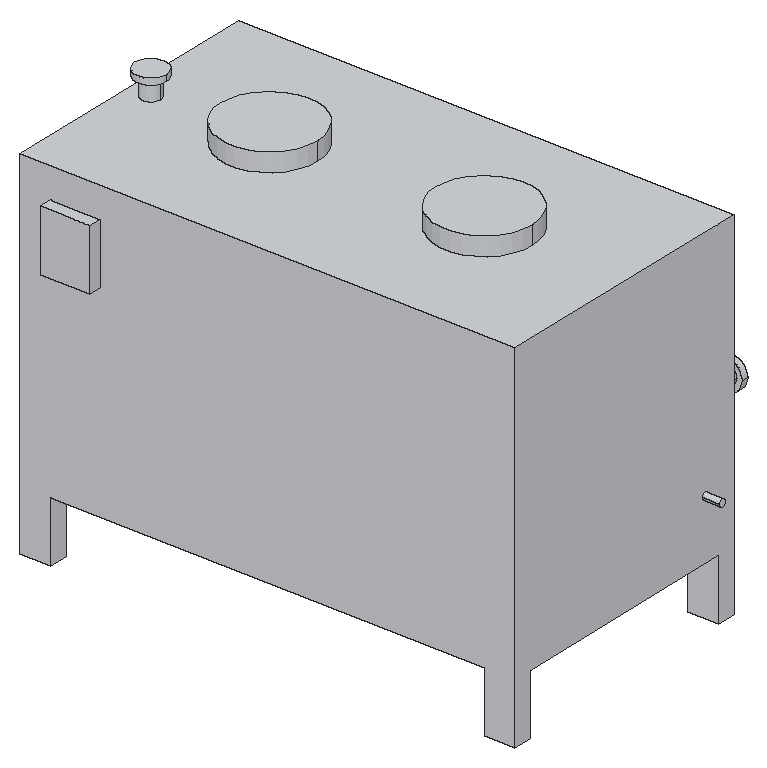
Revit family "M_Caldeira aquatubular - 879-6153 kW", category Equipamento mecânico, Revit 2019
Family settings
  Cota do conector redondo = Usar raio
  Tipo de parte = Normal
  Número OmniClass = 23.75.10.11.14.34
  Título OmniClass = Steel Water-Tube Boilers
  ID de item do Seek = Watertube Boiler - 879-6153 kW-0000-CAN-ENU
  Com base no plano de trabalho = Não
  Sempre na vertical = Sim
  Corte com vazios quando carregada = Não
  Compartilhado = Não
  Ponto de cálculo do ambiente = Não
Parameters (values of type "879 kW")
  Volume de água [instance] = 4.22 m³
  Queda de pressão da água [instance] = 11700.0 Pa
  Fluxo da água [instance] = 15.8 L/s
  Voltagem = 120 V
  Raio da ventilação = 200 mm
  Comprimento do duto de ventilação = 889 mm
  Diâmetro da ventilação = Raio da ventilação * 2  # 400 mm
  Raio 2 = Raio da água gelada + 25 mm  # 65 mm
  Raio 1 = Raio da água quente + 25 mm  # 65 mm
  Comprimento da tubulação 2 = Comprimento da tubulação 1  # 89 mm
  Comprimento da tubulação 1 = 89 mm
  Altura da tubulação 1 = 826 mm
  Calor de saída [instance] = 730000 W
  Número de pólos = 1
  Calor de entrada [instance] = 879000 W
  Raio da água quente = Raio da água gelada  # 40 mm
  Diâmetro da água quente = Raio da água quente * 2  # 80 mm
  Superfície do aquecimento = 35.50 m²
  Raio do gás = 25 mm
  Fluxo de gás [instance] = 0.0 L/s
  Diâmetro do gás = Raio do gás * 2  # 50 mm
  Fluxo do ar de exaustão [instance] = 0.0 L/s
  Raio da água gelada = 40 mm
  Diâmetro da água gelada = Raio da água gelada * 2  # 80 mm
  Largura da caldeira = 1130 mm
  Material do boiler = none
  Comprimento da caldeira = 2050 mm
  Altura da caldeira = 1485 mm
  BHP [instance] = 74.4
  Carga aparente = 480 VA
Types (10, lengths in mm): name | Volume de água | Queda de pressão da água | Fluxo da água | Raio da ventilação | Comprimento do duto de ventilação | Diâmetro da ventilação | Raio 2 | Raio 1 | Comprimento da tubulação 2 | Comprimento da tubulação 1 | Altura da tubulação 1 | Calor de saída | Calor de entrada | Raio da água quente | Diâmetro da água quente | Superfície do aquecimento | Raio do gás | Diâmetro do gás | Raio da água gelada | Diâmetro da água gelada | Largura da caldeira | Comprimento da caldeira | Altura da caldeira | BHP | Carga aparente
  (no name) | 4.22 m³ | 11700.0 Pa | 15.8 L/s | 200 | 889 | 400 | 65 | 65 | 89 | 89 | 826 | 730000 W | 879000 W | 40 | 80 | 35.50 m² | 25 | 50 | 40 | 80 | 1130 | 2050 | 1485 | 74.4 | 480 VA
  879 kW | 4.22 m³ | 11700.0 Pa | 15.8 L/s | 200 | 889 | 400 | 65 | 65 | 89 | 89 | 826 | 730000 W | 879000 W | 40 | 80 | 35.50 m² | 25 | 50 | 40 | 80 | 1130 | 2050 | 1485 | 74.4 | 480 VA
  6153 kW | 28.855 m³ | 12500.0 Pa | 157.73 L/s | 450 | 2337 | 900 | 150 | 150 | 200 | 200 | 1143 | 5108000 W | 6153000 W | 125 | 250 | 234.766 m² | 50 | 100 | 125 | 250 | 2055 | 4955 | 1975 | 520.6 | 960 VA
  1231 kW | 6.881 m³ | 2400.0 Pa | 25.24 L/s | 225 | 889 | 450 | 100 | 100 | 146 | 146 | 1041 | 1022000 W | 1231000 W | 75 | 150 | 47.288 m² | 25 | 50 | 75 | 150 | 1397 | 2345 | 1720 | 104.1 | 480 VA
  1539 kW | 7.844 m³ | 4500.0 Pa | 37.85 L/s | 250 | 889 | 500 | 100 | 100 | 146 | 146 | 1041 | 1282000 W | 1539000 W | 75 | 150 | 59.644 m² | 32.5 | 65 | 75 | 150 | 1397 | 2825 | 1720 | 130.2 | 780 VA
  1846 kW | 8.75 m³ | 7800.0 Pa | 50.47 L/s | 275 | 864 | 550 | 100 | 100 | 146 | 146 | 1041 | 1532000 W | 1846000 W | 75 | 150 | 59.644 m² | 32.5 | 65 | 75 | 150 | 1397 | 3295 | 1720 | 156.2 | 780 VA
  2154 kW | 9.741 m³ | 11700.0 Pa | 63.09 L/s | 275 | 1067 | 550 | 100 | 100 | 146 | 146 | 1041 | 1788000 W | 2154000 W | 75 | 150 | 59.644 m² | 32.5 | 65 | 75 | 150 | 1395 | 3790 | 1721 | 182.2 | 780 VA
  2784 kW | 14.583 m³ | 5400.0 Pa | 75.71 L/s | 300 | 1499 | 600 | 125 | 125 | 200 | 200 | 1143 | 2302000 W | 2784000 W | 100 | 200 | 59.644 m² | 40 | 80 | 100 | 200 | 1395 | 3545 | 1860 | 235.5 | 960 VA
  3370 kW | 16.424 m³ | 9600.0 Pa | 88.33 L/s | 325 | 1854 | 650 | 125 | 125 | 200 | 200 | 1143 | 2797000 W | 3370000 W | 100 | 200 | 134.895 m² | 40 | 80 | 100 | 200 | 1700 | 4155 | 1860 | 285.1 | 960 VA
  4909 kW | 25.174 m³ | 7800.0 Pa | 126.18 L/s | 425 | 2032 | 850 | 150 | 150 | 200 | 200 | 1143 | 4074000 W | 4909000 W | 125 | 250 | 187.478 m² | 50 | 100 | 125 | 250 | 2055 | 4115 | 1975 | 415.2 | 960 VA
Reference planes
  plane 1 "Centro (Frente/Trás)": y = 0
  plane 2: z = 0
  plane 3 "Centro (Esquerda/Direita)": x = 0
  plane 4: y = 1130
  plane 5: x = 2050
  plane 6: z = 254
  plane 7: z = 1485
  plane 8: x = 127
  plane 9: y = 76.2
  plane 10: y = 1053.8
  plane 11: x = 1923
  plane 12: y = 565
  plane 13: x = 89
  plane 14: z = 1561.2
  plane 15: z = 1586.6
  plane 16: x = 1961
  plane 17: y = 1206.2
  plane 18: y = 1231.6
  plane 19: z = 826
  plane 20: x = 1025
  plane 21: x = 580.5
  plane 22: x = 1469.5
  plane 23: z = 1358
  plane 24: z = 1104
  plane 25: x = 127
  plane 26: x = 330.2
  plane 27: y = -50.8
  plane 28: y = 977.6
  plane 29: x = 2126.2
  plane 30: z = 508
  plane 31: y = 203.2
  plane 32: x = 1796
  plane 33: z = 177.8
  plane 34: x = 1896
  plane 35: x = 2026
  plane 36: y = 990.3
  plane 37: y = 964.9
  plane 38: x = 1921
  plane 39: x = 2001
Forms (mm)
  Extrusion 1, solid, material <- "Material do boiler"
    sketch origin (0, 0, 0) x (1, 0, 0) y (0, 1, 0)
      loop
        line (0, 1130) -> (0, 0) -> (2050, 0) -> (2050, 1130) -> (0, 1130)
    from 254 to 1485
  Extrusion 2, solid, material <- "Material do boiler"
    sketch origin (0, 0, 0) x (1, 0, 0) y (0, 0, 1)
      loop
        line (127, 0) -> (127, 254) -> (0, 254) -> (0, 0) -> (127, 0)
    from 0 to -76.2
  Extrusion 3, solid, material <- "Material do boiler"
    sketch origin (0, 0, 0) x (1, 0, 0) y (0, 0, 1)
      loop
        line (2050, 254) -> (1923, 254) -> (1923, 0) -> (2050, 0) -> (2050, 254)
    from 0 to -76.2
  Extrusion 4, solid, material <- "Material do boiler"
    sketch origin (0, 0, 0) x (1, 0, 0) y (0, 0, 1)
      loop
        line (2050, 254) -> (1923, 254) -> (1923, 0) -> (2050, 0) -> (2050, 254)
    from -1130 to -1053.8
  Extrusion 5, solid, material <- "Material do boiler"
    sketch origin (0, 0, 0) x (1, 0, 0) y (0, 0, 1)
      loop
        line (127, 254) -> (0, 254) -> (0, 0) -> (127, 0) -> (127, 254)
    from -1130 to -1053.8
  Extrusion 6, solid, material <- "Material do boiler"
    sketch origin (0, 0, 0) x (1, 0, 0) y (0, 1, 0)
      loop
        circle (89, 565) r 40
    from 1561.2 to 1485
  Extrusion 7, solid, material <- "Material do boiler"
    sketch origin (0, 0, 0) x (1, 0, 0) y (0, 1, 0)
      loop
        circle (89, 565) r 65
    from 1561.2 to 1586.6
  Extrusion 8, solid, material <- "Material do boiler"
    sketch origin (0, 0, 0) x (1, 0, 0) y (0, 0, 1)
      loop
        circle (1961, 826) r 40
    from -1206.2 to -1130
  Extrusion 9, solid, material <- "Material do boiler"
    sketch origin (0, 0, 0) x (1, 0, 0) y (0, 0, 1)
      loop
        circle (1961, 826) r 65
    from -1231.6 to -1206.5
  Extrusion 10, solid, material <- "Material do boiler"
    sketch origin (0, 0, 0) x (1, 0, 0) y (0, 1, 0)
      loop
        circle (580.5, 565) r 200
      loop
        circle (1469.5, 565) r 200
    from 1561.2 to 1485
  Extrusion 11, solid, material <- "Material do boiler"
    sketch origin (0, 0, 0) x (1, 0, 0) y (0, 0, 1)
      loop
        line (127, 1358) -> (127, 1104) -> (330.2, 1104) -> (330.2, 1358) -> (127, 1358)
    from 0 to 50.8
  Extrusion 12, solid, material <- "Material do boiler"
    sketch origin (0, 0, 0) x (0, 1, 0) y (0, 0, 1)
      loop
        circle (977.6, 508) r 12.7
    from 2050 to 2126.2
  Extrusion 13, solid, material <- "Material do boiler"
    sketch origin (0, 0, 0) x (1, 0, 0) y (0, 1, 0)
      loop
        circle (1796, 203.2) r 25
    from 177.8 to 254
  Extrusion 14, solid, material <- "Material do boiler", detail levels fine
    sketch origin (0, 0, 0) x (1, 0, 0) y (0, 0, 1)
      loop
        circle (1961, 826) r 65
    from -1231.6 to -1206.2
  Extrusion 15, solid, material <- "Material do boiler", detail levels fine
    sketch origin (0, 0, 0) x (1, 0, 0) y (0, 0, 1)
      loop
        circle (1961, 826) r 40
    from -1206.2 to -1130
  Extrusion 16, solid, material <- "Material do boiler", detail levels fine
    sketch origin (0, 0, 0) x (0, 1, 0) y (0, 0, 1)
      loop
        circle (977.6, 508) r 12.7
    from 2050 to 2126.2
Cuts and joins
  joined: Extrusion 8, Extrusion 9, Extrusion 12
  joined: Extrusion 1, Extrusion 2, Extrusion 3, Extrusion 4, Extrusion 5, Extrusion 6, Extrusion 7, Extrusion 10, Extrusion 11
Lines and regions (mm)
  symbolic lines, detail levels coarse+medium
    curve 1: line (1961, 1231.6, 0) -> (1961, 1130, 0)
    curve 2: line (2050, 977.6, 0) -> (2126.2, 977.6, 0)
  symbolic lines, detail levels fine
    curve 3: line (2050, 990.3, 0) -> (2126.2, 990.3, 0)
    curve 4: line (2050, 964.9, 0) -> (2126.2, 964.9, 0)
    curve 5: line (2126.2, 990.3, 0) -> (2126.2, 964.9, 0)
    curve 6: line (1921, 1206.2, 0) -> (1921, 1130, 0)
    curve 7: line (2001, 1206.2, 0) -> (2001, 1130, 0)
    curve 8: line (1896, 1206.2, 0) -> (2026, 1206.2, 0)
    curve 9: line (1896, 1231.6, 0) -> (1896, 1206.2, 0)
    curve 10: line (2026, 1231.6, 0) -> (2026, 1206.2, 0)
    curve 11: line (1896, 1231.6, 0) -> (2026, 1231.6, 0)
Dimensions and locks
  "Largura da caldeira": plane 4 to plane 1 "Centro (Frente/Trás)"
  "Comprimento da caldeira": plane 3 "Centro (Esquerda/Direita)" to plane 5
  locked: plane 2 to plane 6 at 254
  "Altura da caldeira": plane 2 to plane 7
  locked: plane 3 "Centro (Esquerda/Direita)" to plane 8 at 127
  locked: plane 1 "Centro (Frente/Trás)" to plane 9 at 76.2
  locked: plane 4 to plane 10 at 76.2
  locked: plane 11 to plane 5 at 127
  equal spacing: plane 4, plane 12, plane 1 "Centro (Frente/Trás)"
  "Comprimento da tubulação 2": plane 3 "Centro (Esquerda/Direita)" to plane 13
  locked: plane 7 to plane 14 at 76.2
  locked: plane 14 to plane 15 at 25.4
  "Comprimento da tubulação 1": plane 16 to plane 5
  locked: plane 17 to plane 4 at 76.2
  locked: plane 18 to plane 17 at 25.4
  "Altura da tubulação 1": plane 2 to plane 19
  equal spacing: plane 3 "Centro (Esquerda/Direita)", plane 20, plane 5
  equal spacing: plane 21, plane 20, plane 22
  "Comprimento do duto de ventilação": plane 21 to plane 22
  locked: plane 7 to plane 23 at 127
  locked: plane 23 to plane 24 at 254
  locked: plane 25 to plane 3 "Centro (Esquerda/Direita)" at 127
  locked: plane 26 to plane 25 at 203.2
  locked: plane 1 "Centro (Frente/Trás)" to plane 27 at 50.8
  locked: plane 4 to plane 28 at 152.4
  locked: plane 5 to plane 29 at 76.2
  locked: plane 30 to plane 2 at 508
  locked: plane 1 "Centro (Frente/Trás)" to plane 31 at 203.2
  locked: plane 32 to plane 5 at 254
  locked: plane 33 to plane 6 at 76.2
  "Raio 2": plane 34 to plane 16
  "Raio 2": plane 16 to plane 35
  locked: plane 36 to plane 28 at 12.7
  locked: plane 28 to plane 37 at 12.7
  "Raio da água gelada": plane 38 to plane 16
  "Raio da água gelada": plane 16 to plane 39
  "Raio da água quente": radius of Extrusion 6 sketch curve
  "Raio 1": radius of Extrusion 7 sketch curve
  "Raio da água gelada": radius of Extrusion 8 sketch curve
  "Raio 2": radius of Extrusion 9 sketch curve
  "Raio da ventilação": radius of Extrusion 10 sketch curve  (x2)
  radius of Extrusion 12 sketch curve = 12.7 mm
  "Raio do gás": radius of Extrusion 13 sketch curve
  "Raio 2": radius of Extrusion 14 sketch curve
  "Raio da água gelada": radius of Extrusion 15 sketch curve
  radius of Extrusion 16 sketch curve = 12.7 mm
  aligned and locked: plane 3 "Centro (Esquerda/Direita)" to Extrusion 1 sketch curve
  aligned and locked: Extrusion 1 sketch curve to plane 4
  aligned and locked: plane 1 "Centro (Frente/Trás)" to Extrusion 1 sketch curve
  aligned and locked: Extrusion 1 sketch curve to plane 5
  aligned and locked: plane 7 to Extrusion 1
  aligned and locked: Extrusion 1 to plane 6
  aligned and locked: Extrusion 2 sketch curve to plane 2
  aligned and locked: Extrusion 2 sketch curve to plane 8
  aligned and locked: plane 6 to Extrusion 2 sketch curve
  aligned and locked: Extrusion 2 sketch curve to plane 3 "Centro (Esquerda/Direita)"
  aligned and locked: Extrusion 2 to plane 1 "Centro (Frente/Trás)"
  aligned and locked: plane 9 to Extrusion 2
  aligned and locked: Extrusion 3 sketch curve to plane 6
  aligned and locked: Extrusion 3 sketch curve to plane 5
  aligned and locked: plane 2 to Extrusion 3 sketch curve
  aligned and locked: Extrusion 3 sketch curve to plane 11
  aligned and locked: plane 9 to Extrusion 3
  aligned and locked: plane 1 "Centro (Frente/Trás)" to Extrusion 3
  aligned and locked: Extrusion 4 sketch curve to plane 6
  aligned and locked: plane 2 to Extrusion 4 sketch curve
  aligned and locked: Extrusion 4 sketch curve to plane 5
  aligned and locked: Extrusion 4 sketch curve to plane 11
  aligned and locked: Extrusion 5 sketch curve to plane 6
  aligned and locked: plane 8 to Extrusion 5 sketch curve
  aligned and locked: plane 2 to Extrusion 5 sketch curve
  aligned and locked: plane 3 "Centro (Esquerda/Direita)" to Extrusion 5 sketch curve
  aligned and locked: plane 4 to Extrusion 5
  aligned and locked: Extrusion 5 to plane 10
  aligned and locked: plane 4 to Extrusion 4
  aligned and locked: Extrusion 4 to plane 10
  aligned and locked: plane 12 to Extrusion 6 sketch curve
  aligned and locked: plane 13 to Extrusion 6 sketch curve
  aligned and locked: plane 7 to Extrusion 6
  aligned and locked: plane 14 to Extrusion 6
  aligned and locked: plane 12 to Extrusion 7 sketch curve
  aligned and locked: plane 13 to Extrusion 7 sketch curve
  aligned and locked: plane 15 to Extrusion 7
  aligned and locked: Extrusion 7 to plane 14
  aligned and locked: plane 19 to Extrusion 8 sketch curve
  aligned and locked: plane 16 to Extrusion 8 sketch curve
  aligned and locked: plane 17 to Extrusion 8
  aligned and locked: Extrusion 8 to plane 4
  aligned and locked: plane 19 to Extrusion 9 sketch curve
  aligned and locked: plane 16 to Extrusion 9 sketch curve
  aligned and locked: plane 18 to Extrusion 9
  aligned and locked: plane 12 to Extrusion 10 sketch curve  (x2)
  aligned and locked: plane 21 to Extrusion 10 sketch curve
  aligned and locked: plane 22 to Extrusion 10 sketch curve
  aligned and locked: plane 7 to Extrusion 10
  aligned and locked: plane 14 to Extrusion 10
  aligned and locked: plane 25 to Extrusion 11 sketch curve
  aligned and locked: Extrusion 11 sketch curve to plane 23
  aligned and locked: plane 24 to Extrusion 11 sketch curve
  aligned and locked: Extrusion 11 sketch curve to plane 26
  aligned and locked: Extrusion 11 to plane 1 "Centro (Frente/Trás)"
  aligned and locked: Extrusion 11 to plane 27
  aligned and locked: plane 30 to Extrusion 12 sketch curve
  aligned and locked: plane 28 to Extrusion 12 sketch curve
  aligned and locked: plane 5 to Extrusion 12
  aligned and locked: plane 29 to Extrusion 12
  aligned and locked: plane 32 to Extrusion 13 sketch curve
  aligned and locked: plane 31 to Extrusion 13 sketch curve
  aligned and locked: plane 6 to Extrusion 13
  aligned and locked: Extrusion 13 to plane 33
  aligned and locked: curve 1 to plane 16
  aligned and locked: plane 29 to curve 2
  aligned and locked: curve 2 to plane 28
  aligned and locked: plane 5 to curve 3
  aligned and locked: curve 3 to plane 36
  aligned and locked: curve 4 to plane 37
  aligned and locked: plane 36 to curve 5
  aligned and locked: plane 37 to curve 5
  aligned and locked: curve 5 to plane 29
  aligned and locked: plane 17 to curve 7
  aligned and locked: curve 7 to plane 39
  aligned and locked: plane 4 to curve 6
  aligned and locked: curve 6 to plane 38
  aligned and locked: plane 34 to curve 8
  aligned and locked: plane 35 to curve 8
  aligned and locked: curve 8 to plane 17
  aligned and locked: curve 10 to plane 35
  aligned and locked: curve 9 to plane 34
  aligned and locked: plane 16 to Extrusion 14 sketch curve
  aligned and locked: plane 19 to Extrusion 14 sketch curve
  aligned and locked: plane 16 to Extrusion 15 sketch curve
  aligned and locked: plane 19 to Extrusion 15 sketch curve
  aligned and locked: plane 18 to Extrusion 14
  aligned and locked: Extrusion 14 to plane 17
  aligned and locked: plane 17 to Extrusion 15
  aligned and locked: Extrusion 15 to plane 4
  aligned and locked: plane 28 to Extrusion 16 sketch curve
  aligned and locked: plane 30 to Extrusion 16 sketch curve
  aligned and locked: plane 29 to Extrusion 16
  aligned and locked: Extrusion 16 to plane 5
Automatic sketch dimensions
  curve 1 to plane 4 = 0 mm
  curve 7 to plane 4 = 0 mm
  curve 2 to plane 5 = 0 mm
  curve 4 to plane 5 = 0 mm
  curve 1 to plane 18 = 0 mm
Connectors
  piping at (89, 565, 1586.6), diameter 80, driven by "Raio da água quente", driven by "Fluxo da água", driven by "Queda de pressão da água"
    settings: on cut or joined group 1 (Extrusion 1, Extrusion 2, Extrusion 3, Extrusion 4, Extrusion 5, Extrusion 6, Extrusion 7, Extrusion 10, Extrusion 11), index 1, connector inside diameter 80 mm, connector length 0 mm, flow factor 0, pipe flow 15.8 L/s, pressure drop 11700.0 Pa, fitting loss kfactor 0, connector angle 0.00°, fixture units 0, engagement length 0 mm, angle of deflection 0.00°, flow configuration 0, flow direction 2, fitting loss method 4, system type 7, joint type 0, gender type 0, connector reference index 2, connector utility 0, adjustable connector no, is connector primary yes, connector description "Saída de água quente"
  piping at (1961, 1231.6, 826), diameter 80, driven by "Raio da água gelada", driven by "Fluxo da água"
    settings: on cut or joined group of Extrusion 8, Extrusion 9, Extrusion 12, index 2, connector inside diameter 80 mm, connector length 0 mm, flow factor 0, pipe flow 15.8 L/s, pressure drop 0.0 Pa, fitting loss kfactor 0, connector angle 0.00°, fixture units 0, engagement length 0 mm, angle of deflection 0.00°, flow configuration 0, flow direction 1, fitting loss method 0, system type 8, joint type 0, gender type 0, connector reference index 1, connector utility 0, adjustable connector no, is connector primary no, connector description "Entrada de água gelada"
  piping at (1796, 203.2, 177.8), diameter 50, driven by "Raio do gás", driven by "Fluxo de gás"
    settings: on Extrusion 13, index 3, connector inside diameter 50 mm, connector length 0 mm, flow factor 0, pipe flow 0.0 L/s, pressure drop 0.0 Pa, fitting loss kfactor 0, connector angle 0.00°, fixture units 0, engagement length 0 mm, angle of deflection 0.00°, flow configuration 1, flow direction 1, fitting loss method 0, system type 22, joint type 0, gender type 0, connector reference index -1, connector utility 0, adjustable connector no, is connector primary no, connector description "Entrada de gás"
  hvac at (1469.5, 565, 1561.2), driven by "Raio da ventilação", driven by "Fluxo do ar de exaustão"
    settings: on cut or joined group 1, index 4, duct flow 0.0 L/s, flow factor 0, pres drop 0.0 Pa, loss coef 0, conn angle 0.00°, conn width 304.8 mm, conn height 304.8 mm, conn diameter 400 mm, duct sys type 3, conn prof type 0, flow config 1, flow direction 2, loss method 0, conn ref index -1, conn util no, is conn primary yes, conn desc ""
  hvac at (580.5, 565, 1561.2), driven by "Raio da ventilação", driven by "Fluxo do ar de exaustão"
    settings: on cut or joined group 1, index 5, duct flow 0.0 L/s, flow factor 0, pres drop 0.0 Pa, loss coef 0, conn angle 0.00°, conn width 304.8 mm, conn height 304.8 mm, conn diameter 400 mm, duct sys type 3, conn prof type 0, flow config 1, flow direction 2, loss method 0, conn ref index -1, conn util no, is conn primary no, conn desc ""
  piping at (2126.2, 977.6, 508), diameter 25
    settings: on cut or joined group of Extrusion 8, Extrusion 9, Extrusion 12, index 6, connector inside diameter 25 mm, connector length 0 mm, flow factor 0, pipe flow 0.0 L/s, pressure drop 0.0 Pa, fitting loss kfactor 0, connector angle 0.00°, fixture units 0, engagement length 0 mm, angle of deflection 0.00°, flow configuration 1, flow direction 2, fitting loss method 0, system type 16, joint type 0, gender type 0, connector reference index -1, connector utility 0, adjustable connector yes, is connector primary no, connector description "Saída da drenagem"
  electrical at (228.6, -50.8, 1231)
    settings: on cut or joined group 1, index 7, voltage 0 V, apparent load 0 VA, apparent load phase1 0 VA, apparent load phase2 0 VA, apparent load phase3 0 VA, power factor 1, load classification "Outros", number of poles 1, system type 13, power factor state 1, is connector primary yes, connector utility no, sub classification motor no, connector description ""
